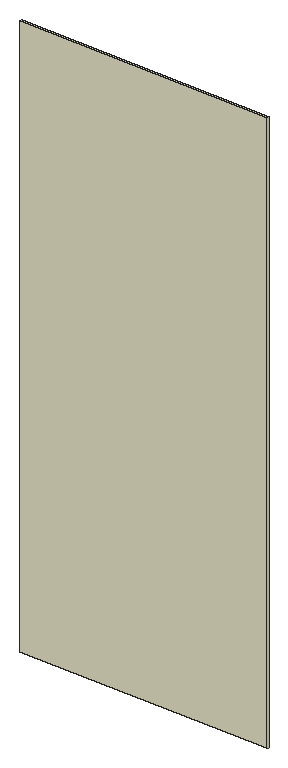
Revit family "CLAD (Smooth) Honeycomb", category Generic Models, Revit 2017 (continued)
Automatic sketch dimensions
  curve 823 to curve 821 = 17.017 mm
  curve 546 to curve 603 = 0 mm
  curve 532 to curve 631 = 0.001 mm
  curve 628 to curve 534 = 0.001 mm
  curve 626 to curve 535 = 0.001 mm  (x2)
  curve 536 to curve 623 = 0.001 mm
  level to curve 598 = 61.813 mm
  curve 598 to curve 549 = 0.001 mm
  curve 600 to curve 548 = 0.001 mm  (x2)
  curve 547 to curve 601 = 0.001 mm
  curve 620 to curve 538 = 0.001 mm  (x2)
  curve 635 to curve 529 = 0 mm
  curve 530 to curve 527 = 0 mm
  curve 531 to curve 633 = 0 mm
  curve 539 to curve 617 = 0.001 mm
  curve 533 to curve 629 = 0 mm
  curve 537 to curve 621 = 0 mm
  curve 540 to curve 615 = 0 mm
  curve 541 to curve 613 = 0 mm
  curve 545 to curve 605 = 0 mm
  curve 542 to curve 611 = 0 mm
  curve 544 to curve 607 = 0 mm
  curve 543 to curve 609 = 0 mm
  curve 476 to curve 549 = 0 mm
  curve 533 to curve 433 = 0 mm
  curve 532 to curve 431 = 0 mm
  curve 470 to curve 546 = 0 mm
  curve 464 to curve 543 = 0 mm
  curve 819 to curve 820 = 17.017 mm
  level to curve 477 = 0.003 mm
  curve 549 to curve 477 = 41.559 mm
  curve 451 to curve 442 = 0 mm
  curve 446 to curve 432 = 0 mm
  curve 456 to curve 457 = 0.001 mm
  curve 448 to curve 436 = 0 mm
  curve 447 to curve 434 = 0 mm
  curve 461 to curve 458 = 0 mm
  curve 459 to curve 454 = 0 mm
  plane 5 "Panel_top" to curve 420 = 25.309 mm
  curve 819 to curve 420 = 0.001 mm
  plane 5 "Panel_top" to curve 422 = 148.933 mm
  curve 421 to curve 422 = 0.001 mm
  curve 423 to curve 426 = 0.001 mm
  curve 427 to curve 429 = 0.001 mm
  curve 469 to curve 470 = 0.001 mm
  curve 471 to curve 472 = 0.001 mm
  curve 518 to curve 463 = 0 mm
  curve 440 to curve 441 = 0.001 mm
  curve 473 to curve 474 = 0.001 mm
  level to curve 476 = 123.624 mm
  curve 475 to curve 476 = 0.001 mm
  curve 452 to curve 444 = 0 mm
  curve 445 to curve 430 = 0 mm
  curve 519 to curve 465 = 0 mm
  curve 521 to curve 485 = 0.001 mm  (x2)
  plane 5 "Panel_top" to curve 419 = 25.31 mm
  curve 419 to curve 818 = 0.001 mm
  curve 518 to curve 491 = 0.001 mm  (x2)
  curve 447 to curve 509 = 0.001 mm
  level to curve 478 = 0.003 mm
  curve 477 to curve 478 = 58.433 mm
  curve 513 to curve 445 = 0 mm
  curve 446 to curve 512 = 0 mm
  curve 820 to curve 818 = 17.017 mm
  curve 501 to curve 407 = 0.001 mm  (x2)
  curve 507 to curve 404 = 0.001 mm  (x2)
  curve 485 to curve 415 = 0.001 mm  (x2)
  curve 401 to curve 512 = 0.001 mm
  curve 487 to curve 414 = 0.001 mm  (x2)
  curve 400 to curve 514 = 0.001 mm
  curve 408 to curve 498 = 0.001 mm
  level to curve 479 = 61.813 mm
  curve 479 to curve 418 = 0.001 mm
  level to curve 481 = 185.435 mm
  curve 481 to curve 417 = 0.001 mm
  curve 405 to curve 504 = 0.001 mm
  curve 516 to curve 398 = 0 mm
  curve 399 to curve 396 = 0 mm
  curve 416 to curve 482 = 0 mm
  curve 402 to curve 510 = 0 mm
  curve 413 to curve 488 = 0 mm
  curve 412 to curve 490 = 0 mm
  curve 411 to curve 492 = 0 mm
  curve 410 to curve 494 = 0 mm
  curve 403 to curve 508 = 0.001 mm
  curve 409 to curve 496 = 0 mm
  curve 406 to curve 502 = 0 mm
  level to curve 368 = 61.813 mm
  curve 367 to curve 368 = 0 mm
  curve 402 to curve 335 = 0 mm
  curve 361 to curve 415 = 0 mm
  curve 355 to curve 412 = 0 mm
  curve 401 to curve 333 = 0 mm
  curve 816 to curve 816 = 17.017 mm
  level to curve 368 = 0.002 mm
  curve 367 to curve 368 = 41.56 mm
  curve 379 to curve 338 = 0 mm
  curve 382 to curve 344 = 0 mm
  curve 330 to curve 331 = 0.001 mm
  curve 376 to curve 332 = 0 mm
  plane 5 "Panel_top" to curve 329 = 272.554 mm
  curve 326 to curve 329 = 0.001 mm
  curve 386 to curve 352 = 0 mm
  curve 340 to curve 341 = 0.001 mm
  curve 387 to curve 354 = 0 mm
  curve 342 to curve 343 = 0.001 mm
  curve 389 to curve 358 = 0 mm
  curve 346 to curve 347 = 0.001 mm
  plane 5 "Panel_top" to curve 325 = 148.933 mm
  curve 324 to curve 325 = 0.001 mm
  curve 348 to curve 349 = 0.001 mm
  curve 390 to curve 360 = 0 mm
  plane 5 "Panel_top" to curve 323 = 25.31 mm
  curve 816 to curve 323 = 0.001 mm
  curve 350 to curve 351 = 0.001 mm
  curve 334 to curve 335 = 0.001 mm
  curve 362 to curve 363 = 0.001 mm
  curve 392 to curve 364 = 0 mm
  curve 356 to curve 357 = 0.001 mm
  curve 336 to curve 337 = 0.001 mm
  curve 393 to curve 366 = 0 mm
  curve 390 to curve 314 = 0.001 mm  (x2)
  curve 387 to curve 300 = 0.001 mm  (x2)
  curve 376 to curve 272 = 0.001 mm
  curve 378 to curve 279 = 0.001 mm
  curve 377 to curve 274 = 0.001 mm
  plane 5 "Panel_top" to curve 322 = 25.311 mm
  curve 322 to curve 815 = 0.001 mm
  level to curve 369 = 0.002 mm
  curve 368 to curve 369 = 58.433 mm
  curve 817 to curve 815 = 17.018 mm
  curve 309 to curve 299 = 0 mm
  plane 5 "Panel_top" to curve 267 = 334.367 mm
  curve 269 to curve 267 = 0 mm
  curve 291 to curve 292 = 0.001 mm
  curve 301 to curve 302 = 0.001 mm
  curve 268 to curve 265 = 0 mm
  curve 289 to curve 290 = 0.001 mm
  curve 311 to curve 303 = 0 mm
  curve 313 to curve 314 = 0.001 mm
  curve 286 to curve 282 = 0 mm
  curve 285 to curve 280 = 0 mm
  level to curve 317 = 309.056 mm
  curve 373 to curve 317 = 0 mm
  curve 287 to curve 284 = 0 mm
  curve 319 to curve 315 = 0 mm
  level to curve 370 = 61.812 mm
  curve 370 to curve 321 = 0.001 mm
  level to curve 372 = 185.434 mm
  curve 372 to curve 320 = 0.001 mm
  curve 277 to curve 273 = 0 mm
  curve 276 to curve 271 = 0 mm
  curve 278 to curve 275 = 0 mm
  curve 196 to curve 319 = 0 mm
  curve 278 to curve 170 = 0 mm
  curve 202 to curve 321 = 0 mm
  curve 190 to curve 310 = 0 mm
  curve 169 to curve 168 = 0 mm
  curve 813 to curve 813 = 17.018 mm
  level to curve 203 = 0.001 mm
  curve 321 to curve 203 = 41.559 mm
  curve 179 to curve 180 = 0.001 mm
  curve 173 to curve 174 = 0.001 mm
  curve 185 to curve 186 = 0.001 mm
  curve 244 to curve 165 = 0 mm
  curve 245 to curve 167 = 0 mm
  plane 5 "Panel_top" to curve 161 = 272.556 mm
  curve 163 to curve 161 = 0 mm
  curve 246 to curve 169 = 0 mm
  curve 191 to curve 192 = 0.001 mm
  curve 247 to curve 171 = 0 mm
  plane 5 "Panel_top" to curve 160 = 148.934 mm
  curve 159 to curve 160 = 0.001 mm
  curve 250 to curve 177 = 0 mm
  curve 252 to curve 181 = 0 mm
  plane 5 "Panel_top" to curve 158 = 25.31 mm
  curve 814 to curve 158 = 0.001 mm
  curve 253 to curve 183 = 0 mm
  level to curve 198 = 370.867 mm
  curve 197 to curve 198 = 0.001 mm
  curve 255 to curve 187 = 0 mm
  curve 256 to curve 189 = 0 mm
  curve 259 to curve 195 = 0 mm
  curve 261 to curve 199 = 0 mm
  curve 262 to curve 201 = 0 mm
  curve 246 to curve 237 = 0.001 mm
  curve 247 to curve 235 = 0.001 mm
  plane 5 "Panel_top" to curve 157 = 25.312 mm
  curve 157 to curve 812 = 0.001 mm
  curve 259 to curve 211 = 0.001 mm  (x2)
  curve 245 to curve 239 = 0.001 mm
  level to curve 204 = 0.001 mm
  curve 203 to curve 204 = 58.433 mm
  curve 218 to curve 217 = 0 mm
  curve 812 to curve 812 = 17.018 mm
  curve 150 to curve 216 = 0.001 mm
  curve 147 to curve 222 = 0.001 mm
  curve 221 to curve 148 = 0.001 mm  (x2)
  curve 143 to curve 230 = 0.001 mm
  curve 156 to curve 204 = 0 mm
  curve 155 to curve 206 = 0 mm
  curve 152 to curve 212 = 0 mm
  plane 5 "Panel_top" to curve 135 = 210.745 mm
  curve 134 to curve 135 = 0.001 mm
  level to curve 208 = 309.056 mm
  curve 154 to curve 208 = 0.001 mm
  curve 149 to curve 218 = 0 mm
  plane 5 "Panel_top" to curve 136 = 334.367 mm
  curve 242 to curve 136 = 0 mm
  curve 138 to curve 240 = 0 mm
  curve 235 to curve 141 = 0.001 mm
  level to curve 211 = 432.678 mm
  curve 211 to curve 153 = 0.001 mm
  curve 146 to curve 224 = 0 mm
  curve 145 to curve 226 = 0 mm
  curve 144 to curve 228 = 0 mm
  curve 139 to curve 238 = 0 mm
  curve 142 to curve 232 = 0 mm
  curve 215 to curve 151 = 0.001 mm  (x2)
  curve 140 to curve 236 = 0 mm
  curve 139 to curve 125 = 0 mm
  curve 140 to curve 123 = 0 mm
  curve 103 to curve 150 = 0 mm
  curve 97 to curve 153 = 0 mm
  curve 91 to curve 156 = 0 mm
  curve 810 to curve 809 = 17.019 mm
  curve 109 to curve 26 = 0.001 mm  (x2)
  level to curve 97 = 370.867 mm
  curve 97 to curve 38 = 0.001 mm
  curve 34 to curve 100 = 0.001 mm
  level to curve 94 = 247.244 mm
  curve 40 to curve 94 = 0.001 mm
  curve 113 to curve 22 = 0.001 mm  (x2)
  curve 28 to curve 106 = 0.001 mm
  level to curve 92 = 123.622 mm
  curve 42 to curve 92 = 0.001 mm
  level to curve 91 = 0.001 mm
  curve 156 to curve 91 = 41.559 mm
  plane 5 "Panel_top" to curve 810 = 25.312 mm
  curve 46 to curve 810 = 0 mm
  curve 10 to curve 124 = 0 mm
  curve 12 to curve 122 = 0 mm
  curve 14 to curve 120 = 0 mm
  curve 16 to curve 118 = 0 mm
  curve 18 to curve 116 = 0 mm
  curve 20 to curve 114 = 0 mm
  curve 24 to curve 110 = 0 mm
  curve 8 to curve 126 = 0 mm
  curve 30 to curve 104 = 0 mm
  curve 103 to curve 32 = 0.001 mm  (x2)
  curve 6 to curve 128 = 0 mm
  curve 36 to curve 98 = 0 mm
  curve 3 to curve 44 = 0 mm
  plane 5 "Panel_top" to curve 43 = 272.557 mm
  curve 130 to curve 43 = 0 mm
  curve 91 to curve 90 = 58.432 mm
  curve 12 to curve 58 = 0 mm
  level to curve 83 = 494.489 mm
  curve 36 to curve 83 = 0 mm
  curve 8 to curve 54 = 0 mm
  curve 57 to curve 10 = 0 mm
  curve 30 to curve 77 = 0 mm
  curve 811 to curve 811 = 17.019 mm
  curve 77 to curve 29 = 0 mm
  level to curve 35 = 432.677 mm
  curve 83 to curve 35 = 0 mm
  plane 5 "Panel_top" to curve 56 = 581.612 mm
  curve 7 to curve 56 = 0 mm
  curve 9 to curve 58 = 0 mm
  level to curve 90 = 61.812 mm
  curve 90 to curve 41 = 0 mm
  curve 19 to curve 19 = 29.216 mm
  curve 21 to curve 21 = 29.216 mm
  curve 23 to curve 23 = 29.216 mm
  curve 25 to curve 25 = 29.216 mm
  curve 58 to curve 9 = 29.216 mm
  curve 27 to curve 27 = 29.216 mm
  curve 29 to curve 29 = 29.216 mm
  curve 17 to curve 17 = 29.216 mm
  curve 13 to curve 13 = 29.216 mm
  level to curve 33 = 556.299 mm
  curve 33 to curve 33 = 29.216 mm
  level to curve 35 = 432.676 mm
  curve 35 to curve 35 = 29.216 mm
  level to curve 37 = 309.054 mm
  curve 37 to curve 37 = 29.216 mm
  plane 5 "Panel_top" to curve 5 = 457.991 mm
  curve 5 to curve 5 = 29.216 mm
  level to curve 39 = 185.432 mm
  curve 39 to curve 39 = 29.216 mm
  plane 5 "Panel_top" to curve 4 = 334.369 mm
  curve 4 to curve 4 = 29.216 mm
  curve 31 to curve 31 = 29.216 mm
  level to curve 41 = 61.81 mm
  curve 41 to curve 41 = 29.215 mm
  curve 15 to curve 15 = 29.216 mm
  plane 5 "Panel_top" to curve 2 = 210.747 mm
  curve 2 to curve 2 = 29.216 mm
  plane 5 "Panel_top" to curve 7 = 581.613 mm
  curve 56 to curve 7 = 29.216 mm
  plane 5 "Panel_top" to curve 1 = 87.124 mm
  curve 1 to curve 1 = 29.216 mm
  curve 11 to curve 11 = 29.216 mm
  curve 156 to curve 91 = 0.001 mm
  curve 321 to curve 202 = 0.001 mm
  curve 204 to curve 156 = 0.001 mm
  curve 549 to curve 476 = 0.001 mm
  curve 680 to curve 595 = 0.001 mm
  curve 726 to curve 727 = 0.001 mm
  curve 726 to curve 808 = 0.001 mm
  curve 201 to curve 262 = 0.001 mm
  curve 366 to curve 393 = 0.001 mm
  curve 726 to curve 725 = 0.001 mm
  curve 206 to curve 155 = 0.001 mm
  curve 724 to curve 807 = 0.001 mm
  curve 730 to curve 679 = 0.001 mm
  curve 474 to curve 473 = 0.001 mm
  curve 199 to curve 261 = 0.001 mm
  curve 364 to curve 392 = 0.001 mm
  curve 724 to curve 723 = 0.001 mm
  curve 592 to curve 654 = 0.001 mm
  curve 601 to curve 547 = 0.001 mm
  curve 482 to curve 416 = 0.001 mm
  curve 722 to curve 806 = 0.001 mm
  curve 732 to curve 678 = 0.001 mm
  curve 363 to curve 362 = 0.001 mm
  curve 472 to curve 471 = 0.001 mm
  curve 591 to curve 590 = 0.001 mm
  curve 722 to curve 721 = 0.001 mm
  curve 153 to curve 97 = 0.001 mm
  curve 319 to curve 196 = 0.001 mm
  curve 415 to curve 361 = 0.001 mm
  curve 546 to curve 470 = 0.001 mm
  curve 315 to curve 319 = 0.001 mm
  curve 677 to curve 589 = 0.001 mm
  curve 603 to curve 546 = 0.001 mm
  curve 720 to curve 721 = 0.001 mm
  curve 720 to curve 805 = 0.001 mm
  curve 98 to curve 36 = 0.001 mm
  curve 195 to curve 259 = 0.001 mm
  curve 470 to curve 469 = 0.001 mm
  curve 360 to curve 390 = 0.001 mm
  curve 720 to curve 719 = 0.001 mm
  curve 588 to curve 652 = 0.001 mm
  curve 314 to curve 313 = 0.001 mm
  curve 212 to curve 152 = 0.001 mm
  curve 605 to curve 545 = 0.001 mm
  curve 718 to curve 804 = 0.001 mm
  curve 736 to curve 676 = 0.001 mm
  curve 100 to curve 34 = 0.001 mm
  curve 193 to curve 258 = 0.001 mm
  curve 358 to curve 389 = 0.001 mm
  curve 718 to curve 717 = 0.001 mm
  curve 467 to curve 520 = 0.001 mm
  curve 586 to curve 651 = 0.001 mm
  curve 31 to curve 31 = 0.001 mm
  curve 303 to curve 311 = 0.001 mm
  curve 488 to curve 413 = 0.001 mm
  curve 607 to curve 544 = 0.001 mm
  curve 716 to curve 803 = 0.001 mm
  curve 192 to curve 191 = 0.001 mm
  curve 357 to curve 356 = 0.001 mm
  curve 585 to curve 584 = 0.001 mm
  curve 716 to curve 715 = 0.001 mm
  curve 465 to curve 519 = 0.001 mm
  curve 29 to curve 77 = 0.002 mm
  curve 150 to curve 103 = 0.001 mm
  curve 29 to curve 77 = 0.001 mm
  curve 216 to curve 150 = 0.001 mm
  curve 310 to curve 190 = 0.001 mm
  curve 302 to curve 301 = 0.001 mm
  curve 412 to curve 355 = 0.001 mm
  curve 543 to curve 464 = 0.001 mm
  curve 674 to curve 583 = 0.001 mm
  curve 490 to curve 412 = 0.001 mm
  curve 609 to curve 543 = 0.001 mm
  curve 714 to curve 715 = 0.001 mm
  curve 714 to curve 802 = 0.001 mm
  curve 740 to curve 674 = 0.001 mm
  curve 30 to curve 77 = 0.001 mm
  curve 217 to curve 218 = 0.001 mm
  curve 104 to curve 30 = 0.001 mm
  curve 189 to curve 256 = 0.001 mm
  curve 354 to curve 387 = 0.001 mm
  curve 583 to curve 582 = 0.001 mm
  curve 463 to curve 518 = 0.001 mm
  curve 714 to curve 713 = 0.001 mm
  curve 27 to curve 27 = 0.001 mm
  curve 218 to curve 149 = 0.001 mm
  curve 299 to curve 309 = 0.001 mm
  curve 742 to curve 673 = 0.001 mm
  curve 492 to curve 411 = 0.001 mm
  curve 611 to curve 542 = 0.001 mm
  curve 712 to curve 801 = 0.001 mm
  curve 106 to curve 28 = 0.001 mm
  curve 458 to curve 461 = 0.001 mm
  curve 187 to curve 255 = 0.001 mm
  curve 581 to curve 580 = 0.001 mm
  curve 352 to curve 386 = 0.001 mm
  curve 712 to curve 711 = 0.001 mm
  curve 25 to curve 25 = 0.001 mm
  curve 297 to curve 308 = 0.001 mm
  curve 494 to curve 410 = 0.001 mm
  curve 613 to curve 541 = 0.001 mm
  curve 710 to curve 800 = 0.001 mm
  curve 186 to curve 185 = 0.001 mm
  curve 351 to curve 350 = 0.001 mm
  curve 457 to curve 456 = 0.001 mm
  curve 579 to curve 578 = 0.001 mm
  curve 710 to curve 709 = 0.001 mm
  curve 23 to curve 23 = 0.001 mm
  curve 222 to curve 147 = 0.001 mm
  curve 295 to curve 307 = 0.001 mm
  curve 746 to curve 671 = 0.001 mm
  curve 496 to curve 409 = 0.001 mm
  curve 615 to curve 540 = 0.001 mm
  curve 708 to curve 799 = 0.001 mm
  curve 349 to curve 348 = 0.001 mm
  curve 110 to curve 24 = 0.001 mm
  curve 183 to curve 253 = 0.001 mm
  curve 577 to curve 576 = 0.001 mm
  curve 708 to curve 707 = 0.001 mm
  curve 454 to curve 459 = 0.001 mm
  curve 21 to curve 21 = 0.001 mm
  curve 498 to curve 408 = 0.001 mm
  curve 224 to curve 146 = 0.001 mm
  curve 617 to curve 539 = 0.001 mm
  curve 293 to curve 306 = 0.001 mm
  curve 706 to curve 798 = 0.001 mm
  curve 748 to curve 670 = 0.001 mm
  curve 347 to curve 346 = 0.001 mm
  curve 444 to curve 452 = 0.001 mm
  curve 181 to curve 252 = 0.001 mm
  curve 575 to curve 574 = 0.001 mm
  curve 706 to curve 705 = 0.001 mm
  curve 19 to curve 19 = 0.001 mm
  curve 292 to curve 291 = 0.001 mm
  curve 226 to curve 145 = 0.001 mm
  curve 704 to curve 797 = 0.001 mm
  curve 750 to curve 669 = 0.001 mm
  curve 180 to curve 179 = 0.001 mm
  curve 114 to curve 20 = 0.001 mm
  curve 573 to curve 572 = 0.001 mm
  curve 344 to curve 382 = 0.001 mm
  curve 704 to curve 703 = 0.001 mm
  curve 442 to curve 451 = 0.001 mm
  curve 17 to curve 17 = 0.001 mm
  curve 290 to curve 289 = 0.001 mm
  curve 228 to curve 144 = 0.001 mm
  curve 752 to curve 668 = 0.001 mm
  curve 502 to curve 406 = 0.001 mm
  curve 621 to curve 537 = 0.001 mm
  curve 702 to curve 796 = 0.001 mm
  curve 343 to curve 342 = 0.001 mm
  curve 116 to curve 18 = 0.001 mm
  curve 441 to curve 440 = 0.001 mm
  curve 177 to curve 250 = 0.001 mm
  curve 571 to curve 570 = 0.001 mm
  curve 702 to curve 701 = 0.001 mm
  curve 15 to curve 15 = 0.001 mm
  curve 230 to curve 143 = 0.001 mm
  curve 284 to curve 287 = 0.001 mm
  curve 504 to curve 405 = 0.001 mm
  curve 623 to curve 536 = 0.001 mm
  curve 754 to curve 667 = 0.001 mm
  curve 700 to curve 795 = 0.001 mm
  curve 341 to curve 340 = 0.001 mm
  curve 118 to curve 16 = 0.001 mm
  curve 175 to curve 249 = 0.001 mm
  curve 569 to curve 568 = 0.001 mm
  curve 700 to curve 699 = 0.001 mm
  curve 438 to curve 449 = 0.001 mm
  curve 13 to curve 13 = 0.001 mm
  curve 232 to curve 142 = 0.001 mm
  curve 282 to curve 286 = 0.001 mm
  curve 698 to curve 794 = 0.001 mm
  curve 174 to curve 173 = 0.001 mm
  curve 120 to curve 14 = 0.001 mm
  curve 567 to curve 566 = 0.001 mm
  curve 338 to curve 379 = 0.001 mm
  curve 698 to curve 697 = 0.001 mm
  curve 436 to curve 448 = 0.001 mm
  curve 11 to curve 11 = 0.001 mm
  curve 235 to curve 141 = 0.002 mm
  curve 508 to curve 403 = 0.002 mm
  curve 628 to curve 534 = 0.002 mm
  curve 758 to curve 665 = 0.002 mm
  curve 280 to curve 285 = 0.002 mm
  curve 696 to curve 793 = 0.001 mm
  curve 58 to curve 12 = 0.001 mm
  curve 235 to curve 247 = 0.001 mm
  curve 337 to curve 336 = 0.002 mm
  curve 279 to curve 378 = 0.001 mm
  curve 122 to curve 12 = 0.002 mm
  curve 509 to curve 447 = 0.001 mm
  curve 565 to curve 564 = 0.002 mm
  curve 171 to curve 247 = 0.002 mm
  curve 628 to curve 640 = 0.001 mm
  curve 696 to curve 695 = 0.002 mm
  curve 759 to curve 771 = 0.001 mm
  curve 434 to curve 447 = 0.002 mm
  curve 9 to curve 9 = 0.001 mm
  curve 58 to curve 9 = 0.001 mm
  curve 123 to curve 140 = 0.001 mm
  curve 275 to curve 278 = 0.002 mm
  curve 170 to curve 278 = 0.001 mm
  curve 335 to curve 402 = 0.001 mm
  curve 236 to curve 140 = 0.002 mm
  curve 433 to curve 533 = 0.001 mm
  curve 761 to curve 664 = 0.002 mm
  curve 563 to curve 664 = 0.001 mm
  curve 695 to curve 694 = 0.001 mm
  curve 510 to curve 402 = 0.002 mm
  curve 629 to curve 533 = 0.002 mm
  curve 695 to curve 792 = 0.001 mm
  curve 57 to curve 10 = 0.001 mm
  curve 237 to curve 246 = 0.001 mm
  curve 335 to curve 334 = 0.002 mm
  curve 274 to curve 377 = 0.001 mm
  curve 512 to curve 446 = 0.001 mm
  curve 124 to curve 10 = 0.002 mm
  curve 563 to curve 562 = 0.002 mm
  curve 631 to curve 630 = 0.001 mm
  curve 169 to curve 246 = 0.002 mm
  curve 694 to curve 693 = 0.002 mm
  curve 761 to curve 770 = 0.001 mm
  curve 432 to curve 446 = 0.002 mm
  curve 125 to curve 139 = 0.001 mm
  curve 169 to curve 168 = 0.001 mm
  curve 512 to curve 401 = 0.002 mm
  curve 333 to curve 401 = 0.001 mm
  curve 631 to curve 532 = 0.002 mm
  curve 238 to curve 139 = 0.002 mm
  curve 431 to curve 532 = 0.001 mm
  curve 273 to curve 277 = 0.002 mm
  curve 561 to curve 663 = 0.001 mm
  curve 693 to curve 692 = 0.001 mm
  curve 693 to curve 791 = 0.001 mm
  curve 762 to curve 663 = 0.002 mm
  curve 54 to curve 8 = 0.001 mm
  curve 239 to curve 245 = 0.001 mm
  curve 272 to curve 376 = 0.001 mm
  curve 513 to curve 445 = 0.001 mm
  curve 126 to curve 8 = 0.002 mm
  curve 561 to curve 560 = 0.002 mm
  curve 167 to curve 245 = 0.002 mm
  curve 632 to curve 638 = 0.001 mm
  curve 692 to curve 691 = 0.002 mm
  curve 332 to curve 376 = 0.002 mm
  curve 763 to curve 769 = 0.001 mm
  curve 430 to curve 445 = 0.002 mm
  curve 514 to curve 400 = 0.001 mm
  curve 240 to curve 138 = 0.001 mm
  curve 271 to curve 276 = 0.001 mm
  curve 764 to curve 662 = 0.001 mm
  curve 633 to curve 531 = 0.001 mm
  curve 690 to curve 790 = 0.001 mm
  curve 331 to curve 330 = 0.001 mm
  curve 128 to curve 6 = 0.001 mm
  curve 165 to curve 244 = 0.001 mm
  curve 690 to curve 689 = 0.001 mm
  curve 429 to curve 427 = 0 mm
  curve 558 to curve 637 = 0.001 mm
  curve 398 to curve 516 = 0.001 mm
  curve 529 to curve 635 = 0.001 mm
  curve 660 to curve 766 = 0.011 mm
  curve 688 to curve 789 = 0.001 mm
  curve 554 to curve 556 = 0.001 mm
  curve 426 to curve 423 = 0 mm
  curve 688 to curve 685 = 0 mm
  curve 265 to curve 268 = 0.001 mm
  curve 396 to curve 399 = 0.001 mm
  curve 527 to curve 530 = 0.001 mm
  curve 684 to curve 788 = 0.001 mm
  curve 658 to curve 661 = 0.001 mm
  curve 44 to curve 3 = 0.001 mm
  curve 553 to curve 552 = 0.001 mm
  curve 684 to curve 683 = 0.001 mm
  curve 682 to curve 787 = 0.001 mm
